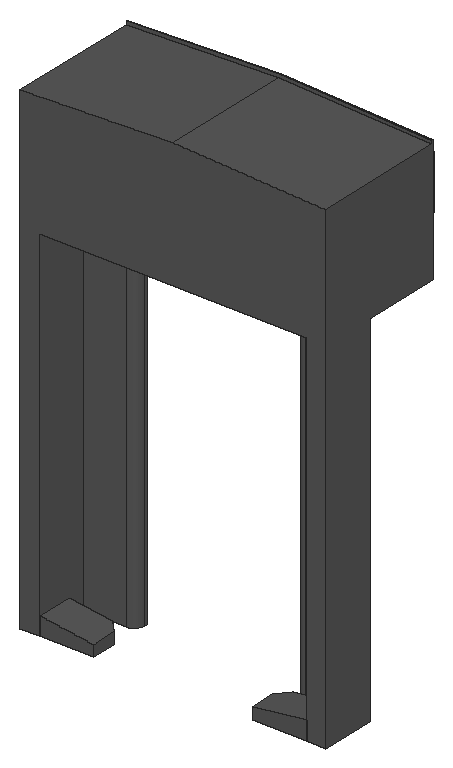
Revit family "Dock-Shelter_Perma-Tech_Ultra-Dark", category Generic Models, host Wall, Revit 2026
Family settings
  Host = Wall
  Can host rebar = No
  Round Connector Dimension = Use Diameter
  Part Type = Normal
  Always vertical = Yes
  Cut with Voids When Loaded = Yes
  Maintain Annotation Orientation = No
  Shared = No
  Room Calculation Point = No
Parameters (values of type "Ultra Dark")
  Unit Width = 50"
  Unit Height = 80"
  URL = "https://www.permatechinc.com/"
  Type Comments = ""
  Top Proj. = 6"
  Specification = "https://www.permatechinc.com/catalog/p-100017/ultra-dark-soft-sided-shelter"
  Side Pad Width = 3.14961"
  Product Info = "https://www.arcat.com/arcatcos/cos51/arc51419.html"
  Main Opening = Unit Width - 3.93701"  # 46.06299"
  Rain Dam Proj. = 22"
  Product Page URL = "https://www.permatechinc.com/catalog"
  Product Documentation Link = "https://www.permatechinc.com/documents/dock-shelters/Spec%20Sheets/THE%20ULTRA%20DARK%20-%20PS90.pdf"
  Opening Width = Unit Width - (Side Curtain Width + Side Curtain Width)  # 26"
  Opening Height = Unit Height - Head Curtain Height  # 59"
  Model = "Ultra Dark Soft-Sided Shelter"
  Manufacturer = "Perma Tech Inc."  # constant formula
  Keynote = ""
  Head Curtain Height = 21"
  Head Curtain Proj. = 9"
  Side Curtain Width = 12"
  Description = ""
  Default Elevation = 0"
  Cover = Cover Black
  Cost = 0
  Copyright = "2021 Perma Tech Inc."  # constant formula
  Bottom Proj. = Top Proj.  # 6"
  Assembly Code = ""
  Arcat Spec = "https://www.arcat.com/company/perma-tech--inc-51419/spec"
Reference planes (in)
  plane 1: y = 0
  plane 2 "Center (Left/Right)": x = -0.32239
  plane 3 "Right": x = 22.70911
  plane 4 "Left": x = -23.35388
  plane 5 "Top": z = 80
  plane 6: x = 24.67761
  plane 7: x = -25.32239
  plane 8: x = 21.52801
  plane 9: x = -22.17278
  plane 10: x = 12.67761
  plane 11: x = -13.32239
  plane 12: z = 59
  plane 13: z = 0
  plane 14: z = 3
  plane 15 "2": z = 77
  plane 16: y = 24.95276
  plane 17: y = 11.95276
  plane 18: y = 8.95276
  plane 19: z = 78.5
  plane 20: y = 28.95276
Forms (in)
  Extrusion 1, solid, material "Cover Black" <- "Cover"
    sketch origin (0, 0, 0) x (1, 0, 0) y (0, 1, 0)
      loop
        line (24.59887, 2.95276) -> (24.59887, 11.87402) -> (21.52801, 11.87402) -> (21.52801, 2.95276) -> (24.59887, 2.95276)
      loop
        line (-22.17278, 2.95276) -> (-22.17278, 11.87402) -> (-25.24365, 11.87402) -> (-25.24365, 2.95276) -> (-22.17278, 2.95276)
    from 0 to 78.5
  Extrusion 2, solid, material "Cover Black" <- "Cover"
    sketch origin (46.20421, -9, 19.68504) x (1, 0, 0) y (0, 1, 0)
      loop
        line (-71.52659, 20.95276) -> (-71.52659, 11.95276) -> (-71.44785, 11.95276) -> (-71.44785, 20.87402) -> (-61.15159, 20.87402)
        arc (-61.15159, 20.87402) -> (-60.00254, 21.34997) -> (-59.52659, 22.49902) r 1.625
        line (-59.52659, 22.49902) -> (-59.52659, 22.95276) -> (-59.60472, 22.95276) -> (-59.60472, 22.5126)
        arc (-59.60472, 22.5126) -> (-60.06159, 21.40962) -> (-61.16456, 20.95276) r 1.55984
        line (-61.16456, 20.95276) -> (-71.52659, 20.95276)
      loop
        line (-21.52659, 11.95276) -> (-21.52659, 20.95276) -> (-31.88863, 20.95276)
        arc (-31.88863, 20.95276) -> (-32.9916, 21.40962) -> (-33.44847, 22.5126) r 1.55984
        line (-33.44847, 22.5126) -> (-33.44847, 22.95276) -> (-33.52659, 22.95276) -> (-33.52659, 22.49883)
        arc (-33.52659, 22.49883) -> (-33.0507, 21.34991) -> (-31.90178, 20.87402) r 1.62481
        line (-31.90178, 20.87402) -> (-21.60533, 20.87402) -> (-21.60533, 11.95276) -> (-21.52659, 11.95276)
    from -19.68504 to 58.81496
  Extrusion 3, solid, material "Cover Black" <- "Cover"
    sketch origin (46.20421, -9, 19.68504) x (1, 0, 0) y (0, 1, 0)
      loop
        line (-24.6762, 11.95276) -> (-24.6762, 17.95276) -> (-31.75494, 17.95276) -> (-33.52659, 16.1811) -> (-33.52659, 11.95276) -> (-24.6762, 11.95276)
      loop
        line (-68.37699, 11.95276) -> (-59.52659, 11.95276) -> (-59.52659, 16.1811) -> (-61.29825, 17.95276) -> (-68.37699, 17.95276) -> (-68.37699, 11.95276)
    from -19.68504 to -16.68504
  Extrusion 4, void
    sketch origin (-13.32239, 2.95276, 19.68504) x (1, 0, 0) y (0, 0, -1)
      loop
        line (34.85039, 16.68504) -> (26, 17.79576) -> (26, 16.68504) -> (34.85039, 16.68504)
      loop
        line (0, 17.79576) -> (-8.85039, 16.68504) -> (0, 16.68504) -> (0, 17.79576)
    from 0 to 9
  Extrusion 5, solid, material "Cover Black" <- "Cover"
    sketch origin (-29.06496, 2.95276, 48) x (-1, 0, 0) y (0, 0, -1)
      loop
        line (-53.74257, -29) -> (-53.74257, -31) -> (-28.74257, -32) -> (-3.74257, -31) -> (-3.74257, -29) -> (-53.74257, -29)
    from 0 to -22
  Extrusion 6, solid, material "Cover Black" <- "Cover"
    sketch origin (12.67761, 11.95276, 19.68504) x (1, 0, 0) y (0, 0, -1)
      loop
        line (12, -39.31496) -> (-38, -39.31496) -> (-38, -57.31496) -> (12, -57.31496) -> (12, -39.31496)
    from -9 to 13
  Extrusion 7, solid, material "Cover Black" <- "Cover"
    sketch origin (12.67761, 11.95276, 19.68504) x (1, 0, 0) y (0, 0, -1)
      loop
        line (8.85039, -57.31496) -> (8.85039, -46.46457)
        arc (8.85039, -46.46457) -> (7.9279, -44.23746) -> (5.70079, -43.31496) r 3.14961
        line (5.70079, -43.31496) -> (-31.70079, -43.31496)
        arc (-31.70079, -43.31496) -> (-33.9279, -44.23746) -> (-34.85039, -46.46457) r 3.14961
        line (-34.85039, -46.46457) -> (-34.85039, -57.31496) -> (8.85039, -57.31496)
    from 13 to 17
  Extrusion 8, solid, material "Cover Black" <- "Cover"
    sketch origin (12.67761, 24.95276, 19.68504) x (1, 0, 0) y (0, 0, -1)
      loop
        line (-38, -57.31496) -> (-38, -59.81513) -> (-13, -60.81513) -> (12, -59.81513) -> (12, -57.31496) -> (-38, -57.31496)
    from 0 to -0.25
  Extrusion 9, void
    sketch origin (-0.32239, 0, 0) x (0, 1, 0) y (0, 0, 1)
      loop
        line (24.95276, 77) -> (28.95276, 74.9619) -> (28.95276, 77) -> (24.95276, 77)
    from -21.85039 to 21.85039
Cuts and joins
  Extrusion 4 cuts Extrusion 3
  joined: Extrusion 1, Extrusion 2, Extrusion 5, Extrusion 6, Extrusion 8
  Extrusion 9 cuts Extrusion 7
Lines and regions (in)
  Opening 1
    outline origin (-60, -2.95276, 0) x (1, 0, 0) y (0, 0, 1)
      loop
        line (82.70911, 59) -> (36.64612, 59) -> (36.64612, 0) -> (82.70911, 0) -> (82.70911, 59)
Text (in)
  text "Placement Side" at (0, 40.15149, 123.01588), in view "Right"
Dimensions and locks (in)
  equal spacing: plane 4 "Left", plane 2 "Center (Left/Right)", plane 3 "Right"
  "Main Opening": plane 4 "Left" to plane 3 "Right"
  "Unit Width": plane 7 to plane 6
  equal spacing: plane 7, plane 2 "Center (Left/Right)", plane 6
  "Unit Height": plane 13 to plane 5 "Top"
  "Head Curtain Height": plane 12 to plane 5 "Top"
  locked: plane 13 to plane 14 at 3
  locked: plane 15 "2" to plane 5 "Top" at 3
  "Rain Dam Proj.": plane 16 to host wall
  "Side Pad Width": plane 8 to plane 6
  "Side Pad Width": plane 7 to plane 9
  "Side Curtain Width": plane 10 to plane 6
  "Side Curtain Width": plane 7 to plane 11
  locked: plane 17 to Extrusion 1 sketch curve at 0.07874  (x2)
  locked: plane 10 to Extrusion 3 sketch curve at 1.77165
  locked: plane 18 to Extrusion 3 sketch curve at 1.77165  (x2)
  locked: Extrusion 3 sketch curve to plane 11 at 1.77165
  locked: plane 7 to Extrusion 1 sketch curve at 0.07874
  locked: Extrusion 1 sketch curve to plane 6 at 0.07874
  locked: Extrusion 2 sketch curve to plane 17 at 0.07874  (x2)
  locked: Extrusion 2 sketch curve to plane 6 at 0.07874
  locked: plane 7 to Extrusion 2 sketch curve at 0.07874
  equal spacing: plane 15 "2", plane 19, plane 5 "Top", locked at 1.5 each
  "Head Curtain Proj.": plane 17 to host wall
  "Top Proj.": plane 18 to host wall
  locked: plane 16 to plane 20 at 4
  locked: Extrusion 4 sketch curve to plane 14 at 1.11072  (x2)
  locked: Extrusion 8 to plane 16 at 0.25
  equal spacing: plane 6, Extrusion 8 sketch curve, plane 7
  locked: nested 2 to plane 15 "2" at 6
  locked: plane 17 to Extrusion 2 sketch curve at 2  (x2)
  locked: plane 10 to Extrusion 2 sketch curve at 0.07812
  locked: Extrusion 2 sketch curve to plane 11 at 0.07812
  locked: plane 12 to Extrusion 7 sketch curve at 4
  aligned and locked: plane 3 "Right" to Opening 1 sketch curve
  aligned and locked: Opening 1 sketch curve to plane 4 "Left"
  aligned and locked: plane 2 "Center (Left/Right)" to nested 1
  aligned and locked: host wall to nested 1
  aligned and locked: nested 1 to host wall
  aligned and locked: Opening 1 sketch curve to plane 13
  aligned and locked: plane 12 to Opening 1 sketch curve
  aligned and locked: host wall to Extrusion 1 sketch curve
  aligned and locked: Extrusion 1 sketch curve to plane 9
  aligned and locked: Extrusion 1 sketch curve to plane 8
  aligned and locked: Extrusion 2 sketch curve to plane 7
  aligned and locked: Extrusion 2 sketch curve to plane 11
  aligned and locked: Extrusion 2 sketch curve to plane 6
  aligned and locked: Extrusion 3 sketch curve to plane 9
  aligned and locked: plane 18 to Extrusion 3 sketch curve  (x2)
  aligned and locked: Extrusion 3 sketch curve to plane 11
  aligned and locked: Extrusion 3 sketch curve to plane 10
  aligned and locked: Extrusion 3 sketch curve to plane 8
  aligned and locked: plane 11 to Extrusion 4 sketch curve
  aligned and locked: plane 10 to Extrusion 4 sketch curve
  aligned and locked: plane 9 to Extrusion 4 sketch curve
  aligned and locked: host wall to Extrusion 4
  aligned and locked: Extrusion 5 to plane 16
  aligned and locked: Extrusion 5 to nested 1
  aligned and locked: Extrusion 6 sketch curve to plane 12
  aligned and locked: plane 17 to Extrusion 2 sketch curve  (x2)
  aligned and locked: plane 15 "2" to Extrusion 5 sketch curve
  aligned and locked: Extrusion 5 to Extrusion 7 sketch curve
  aligned and locked: Extrusion 7 to plane 20
  aligned and locked: plane 16 to Extrusion 7
  aligned and locked: Extrusion 6 to plane 16
  aligned and locked: Extrusion 6 to host wall
  aligned and locked: Extrusion 6 sketch curve to plane 15 "2"
  aligned and locked: Extrusion 6 sketch curve to plane 7
  aligned and locked: Extrusion 6 sketch curve to plane 6
  aligned and locked: nested 2 to plane 2 "Center (Left/Right)"
  aligned and locked: cut or joined group of Extrusion 3, Extrusion 4 to plane 13
  aligned and locked: Extrusion 1 to plane 13
  aligned and locked: plane 13 to cut or joined group of Extrusion 3, Extrusion 4
  aligned and locked: Extrusion 4 sketch curve to plane 14  (x2)
  aligned and locked: plane 14 to cut or joined group of Extrusion 3, Extrusion 4
  aligned and locked: Extrusion 8 sketch curve to plane 15 "2"
  aligned and locked: Extrusion 8 sketch curve to plane 6
  aligned and locked: Extrusion 8 sketch curve to plane 7
  aligned and locked: Extrusion 7 sketch curve to plane 8
  aligned and locked: plane 9 to Extrusion 7 sketch curve
  aligned and locked: Extrusion 1 to plane 19
  aligned and locked: Extrusion 2 to Extrusion 1
  aligned and locked: Extrusion 9 sketch curve to Extrusion 7  (x2)
  aligned and locked: plane 20 to Extrusion 9 sketch curve
  aligned and locked: Extrusion 9 to plane 9
  aligned and locked: plane 8 to Extrusion 9
  aligned and locked: Extrusion 4 sketch curve to cut or joined group of Extrusion 3, Extrusion 4
  aligned and locked: Extrusion 4 to plane 17
  aligned and locked: cut or joined group of Extrusion 1, Extrusion 2, Extrusion 5, Extrusion 6, Extrusion 8 to plane 13
  aligned and locked: plane 10 to Extrusion 2 sketch curve
Automatic sketch dimensions
  Extrusion 1 sketch curve to host wall = 0"
  Extrusion 3 sketch curve to host wall = 0"  (x2)
  Extrusion 5 sketch curve to plane 6 = 0"
  Extrusion 5 sketch curve to plane 2 "Center (Left/Right)" = 0"
  Extrusion 5 sketch curve to plane 7 = 0"
  Extrusion 5 sketch curve to plane 5 "Top" = 0"
  Extrusion 5 sketch curve to plane 19 = 1/2"  (x2)
  Extrusion 7 sketch curve to Extrusion 7 sketch curve = 3.14961"  (x2)
  Extrusion 6 to Extrusion 8 sketch curve = 3.50017"
  Extrusion 6 to Extrusion 8 sketch curve = 2.50017"  (x2)
  plane 15 "2" to Extrusion 9 sketch curve = 2.0381"
  Extrusion 2 sketch curve to host wall = 0"  (x2)
  Extrusion 2 sketch curve to Extrusion 2 sketch curve = 0.01297"
  plane 10 to Extrusion 2 sketch curve = 1.62481"
  Extrusion 2 sketch curve to Extrusion 2 sketch curve = 0.01315"
  Extrusion 2 sketch curve to Extrusion 2 sketch curve = 0.44016"
Nested families (in)
  nested 1: "Opening-Mask" at (-0.32239, 0, 0), type "Opening-Mask"
    with Depth 5.90551", Width 46.06299"
  nested 2: "Logo" at (-0.32239, 28.95276, 71) x (-1, 0, 0) z (0, 1, 0), type "Logo"
Definition of nested family "Logo"
  Parameters (values of type "Logo")
    Default Elevation = 48"
  Reference planes (in)
    plane 1 "Center (Front/Back)": y = 0
    plane 2: z = 0
    plane 3 "Center (Left/Right)": x = 0
    plane 4: x = -3
    plane 5: x = 3
  Forms (in)
    Extrusion 1, solid
      sketch origin (0, 0, 0) x (1, 0, 0) y (0, 1, 0)
        loop
          line (-48, 48) -> (-48, -48) -> (48, -48) -> (48, 48) -> (-48, 48)
      from 0 to -12
    Extrusion 2, solid
      sketch origin (0, 0, 0) x (1, 0, 0) y (0, 1, 0)
        loop
          spline (-2.59837, 0) -> (-2.50983, -0.38823) -> (-2.25025, -0.75) -> (-1.83732, -1.06066) -> (-1.29918, -1.29904) -> (-0.67251, -1.44889) -> (0, -1.5) -> (0.67251, -1.44889) -> (1.29918, -1.29904) -> (1.83732, -1.06066) -> (2.25025, -0.75) -> (2.50983, -0.38823) -> (2.59837, 0)
          spline (2.59837, 0) -> (2.50983, 0.38823) -> (2.25025, 0.75) -> (1.83732, 1.06066) -> (1.29918, 1.29904) -> (0.67251, 1.44889) -> (0, 1.5) -> (-0.67251, 1.44889) -> (-1.29918, 1.29904) -> (-1.83732, 1.06066) -> (-2.25025, 0.75) -> (-2.50983, 0.38823) -> (-2.59837, 0)
        loop
          spline (-1.86168, 0) -> (-1.79824, -0.33972) -> (-1.61226, -0.65628) -> (-1.3164, -0.92813) -> (-0.93084, -1.13672) -> (-0.48184, -1.26784) -> (0, -1.31257) -> (0.48184, -1.26784) -> (0.93084, -1.13672) -> (1.3164, -0.92813) -> (1.61226, -0.65628) -> (1.79824, -0.33972) -> (1.86168, 0)
          spline (1.86168, 0) -> (1.79824, 0.33972) -> (1.61226, 0.65628) -> (1.3164, 0.92813) -> (0.93084, 1.13672) -> (0.48184, 1.26784) -> (0, 1.31257) -> (-0.48184, 1.26784) -> (-0.93084, 1.13672) -> (-1.3164, 0.92813) -> (-1.61226, 0.65628) -> (-1.79824, 0.33972) -> (-1.86168, 0)
        loop
          line (0.11555, 1.02637) -> (0, 0.75)
          arc (0, 0.75) -> (0.35789, 0.18603) -> (-0.04804, -0.34442) r 0.58354
          line (-0.04804, -0.34442) -> (0.02512, -0.67434)
          arc (0.02512, -0.67434) -> (0.87667, 0.13314) -> (0.11555, 1.02637) r 0.85276
        loop
          arc (0, 1.03081) -> (-0.52188, 0.99112) -> (-1.02413, 0.84389) r 2.50576
          arc (-1.02413, 0.84389) -> (-0.77488, -0.04704) -> (-0.96128, -0.95321) r 1.96343
          arc (-0.96128, -0.95321) -> (-0.43975, -1.13998) -> (0.11416, -1.14752) r 1.68485
          arc (0.11416, -1.14752) -> (-0.20192, -0.07193) -> (0, 1.03081) r 2.42296
      from 0 to 0.01471
  Dimensions and locks (in)
    aligned and locked: plane 2 to Extrusion 1
    aligned and locked: level to Extrusion 1
Definition of nested family "Opening-Mask"
  Parameters
    Width = 36"
    Depth [instance] = 8"
  Reference planes (in)
    plane 1 "Center (Front/Back)": y = 0
    plane 2: z = 0
    plane 3 "Center (Left/Right)": x = 0
    plane 4: x = -18
    plane 5: x = 18
    plane 6: y = 4
    plane 7: y = -4
  Lines and regions (in)
    Masking region 1, in view "Ref. Level"
      outline origin (0, 0, 0) x (1, 0, 0) y (0, 1, 0)
        loop
          line (-18, 4) -> (-18, -4) -> (18, -4) -> (18, 4) -> (-18, 4)
  Dimensions and locks (in)
    "Width": plane 4 to plane 5
    "Depth": plane 6 to plane 7
    equal spacing: plane 6, plane 1 "Center (Front/Back)", plane 7
    equal spacing: plane 4, plane 3 "Center (Left/Right)", plane 5
    aligned and locked: Masking region 1 sketch curve to plane 5
    aligned and locked: plane 4 to Masking region 1 sketch curve
    aligned and locked: plane 7 to Masking region 1 sketch curve
    aligned and locked: Masking region 1 sketch curve to plane 6
  Automatic sketch dimensions
    Masking region 1 sketch curve to plane 6 = 0"
